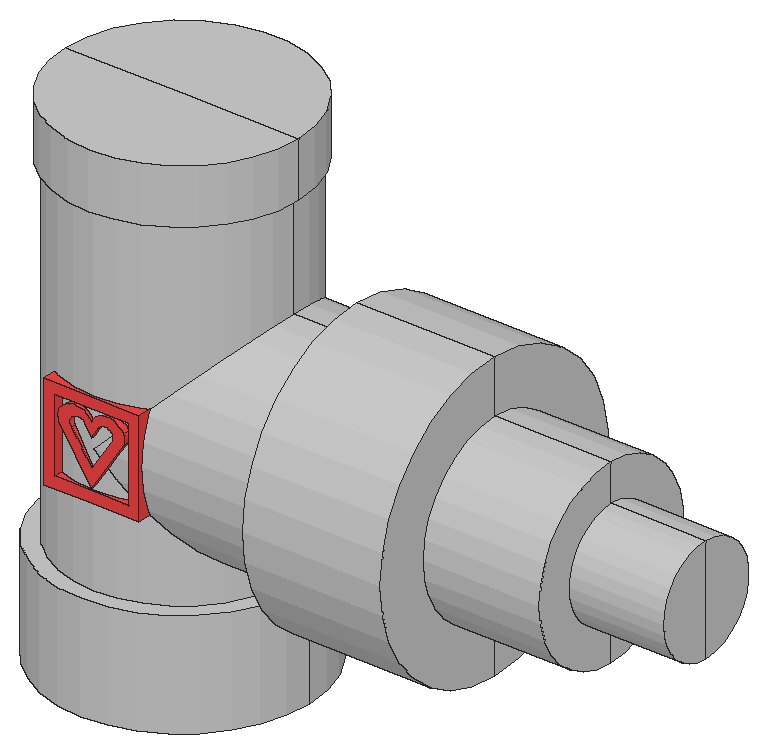
Revit family "Клапан запорный для отключения радиатора HERZ-RL-1, угловой 3724", category Rohrzubehör, Revit 2021
Family settings
  Bemaßung runder Anschluss = Durchmesser verwenden
  Teiletyp = Unterbricht
  OmniClass-Nummer = 23.65.55.14
  OmniClass-Titel = Valves for Liquid Services
  Arbeitsebenenbasiert = Nein
  Immer vertikal = Nein
  Beim Laden mit Abzugskörper schneiden = Nein
  Gemeinsam genutzt = Nein
Parameters
  Среда = "Качество воды в соответствии с ÖNORM H 5195 или директивой VDI 2035."
  Область применения = "Система водяного отопления. С помощью установки радиаторных запорных клапанов возможно осуществить перекрытие обратного потока нагревательных приборов. При одновременном перекрытии с клапаном на подающем трубопроводе возможен демонтаж радиатора в системе, которая находится под давлением. Промывку радиатора или ремонт помещения (оклеивание обоями, облицовку плиткой) можно проводить, не прерывая работу системы. Если требуется предварительная настройка клапанов для отключения радиаторов или заполнение и опорожнение радиаторов или системы при помощи данного клапана, рекомендуется установка клапана HERZ-RL-5."
  Номер заказа [instance] = size_lookup("3724_1_", "Artnr", 0, Nennweite)  # 1372440
  Макс. рабочее давление = 1000000.0 Pa  # constant formula
  Макс. рабочая температура = 120 °C  # constant formula
  Корпус = "Никелированная латунь"  # constant formula
  Исполнение = "Все модели поставляются в никелированном исполнении, это универсальные модели со специальной муфтой для резьбовой трубы и компрессионных фитингов."
  Vorgabe-Ansicht = 0.000 mm
  URL = "www.herz-armaturen.ru"
  SCRNSEQ = "ARM;ARM_TYP=\"ALLF\";2"
  SCRNCODE = "05;01;02"  # constant formula
  S04 = 45.000 mm  # constant formula
  S03 [instance] = H02 - 5.000 mm + 41.000 mm  # 60.500 mm
  S02 [instance] = L04 + L03 - L02  # 25.500 mm
  S01 = 10.000 mm  # constant formula
  R06 = 11.000 mm  # constant formula
  Nennweite [instance] = 10.000 mm
  LO1 [instance] = R01 - 0.500 mm  # 10.000 mm
  L04 [instance] = size_lookup("3724_1_", "L4", 1.000 mm, Nennweite)  # 20.000 mm
  L03 [instance] = size_lookup("3724_1_", "L3", 1.000 mm, Nennweite)  # 13.000 mm
  L02 [instance] = size_lookup("3724_1_", "L2", 1.000 mm, Nennweite)  # 7.500 mm
  L01 [instance] = size_lookup("3724_1_", "L1", 1.000 mm, Nennweite)  # 24.000 mm
  Hersteller = "HERZ Armaturen Ges.m.b.H."  # constant formula
  H05 = 5.200 mm  # constant formula
  H04 = 25.500 mm  # constant formula
  H03 [instance] = size_lookup("3724_1_", "H3", 1.000 mm, Nennweite)  # 10.000 mm
  H02 [instance] = 24.500 mm  # constant formula
  H01 [instance] = size_lookup("3724_1_", "H1", 1.000 mm, Nennweite)  # 22.000 mm
  GT1 [instance] = size_lookup("3724_1_", "GT1", 1.000 mm, Nennweite)  # 9.000 mm
  GT [instance] = size_lookup("3724_1_", "GT", 1.000 mm, Nennweite)  # 9.500 mm
  G2 [instance] = Nennweite / 2  # 5.000 mm
  G1 [instance] = Nennweite / 2  # 5.000 mm
  R01 = 10.500 mm  # constant formula
  D05 [instance] = size_lookup("3724_1_", "D5", 1.000 mm, Nennweite)  # 8.500 mm
  D04 [instance] = size_lookup("3724_1_", "D4", 1.000 mm, Nennweite)  # 13.500 mm
  D03 [instance] = R01  # 10.500 mm
  D02 [instance] = size_lookup("3724_1_", "D2", 1.000 mm, Nennweite)  # 7.940 mm
  D01 [instance] = size_lookup("3724_1_", "D1", 1.000 mm, Nennweite)  # 12.000 mm
Reference planes
  plane 1 "Mitte (Vorne/hinten)": y = 0
  plane 2: z = 0
  plane 3 "Mitte (Links/rechts)": x = 0
Forms (mm)
  Revolve 1, solid, material "Messing, weicher Gelbton, geschweißt", detail levels fine
    sketch origin (0, 0, 0) x (1, 0, 0) y (0, 0, 1)
      loop
        line (0, 24.5) -> (-10.5, 24.5) -> (-10.5, -12) -> (-12, -12) -> (-12, -22) -> (-5, -22) -> (-5, -12.5) -> (0, -12.5) -> (0, 24.5)
      axis (0, 24.5) -> (0, -22)
    angle from 0 to 360
  Revolve 2, solid, material "Messing, weicher Gelbton, geschweißt", detail levels fine
    sketch origin (0, 0, 0) x (1, 0, 0) y (0, 0, 1)
      loop
        line (0, 0) -> (24, 0) -> (24, 7.94) -> (16.5, 7.94) -> (16.5, 10.5) -> (0, 10.5) -> (0, 0)
      axis (0, 0) -> (24, 0)
    angle from 0 to 360
  Revolve 3, solid, material "Messing, weicher Gelbton, geschweißt", detail levels fine
    sketch origin (-1, 0, 0) x (1, 0, 0) y (0, 0, 1)
      loop
        line (25, 0) -> (50.5, 0) -> (50.5, 5) -> (41.5, 5) -> (41.5, 8.5) -> (30.5, 8.5) -> (30.5, 13.5) -> (17.5, 13.5) -> (17.5, 7.94) -> (25, 7.94) -> (25, 0)
      axis (17.5, 0) -> (50.5, 0)
    angle from 0 to 360
  Revolve 4, solid, material "Messing, weicher Gelbton, geschweißt", detail levels fine
    sketch origin (0, 0, 0) x (1, 0, 0) y (0, 0, 1)
      loop
        line (0, 20.3) -> (11, 20.3) -> (11, 25.5) -> (0, 25.5) -> (0, 20.3)
      axis (0, 25.5) -> (0, 20.3)
    angle from 0 to 360
Lines and regions (mm)
  model lines, detail levels coarse+medium
    curve 1: line (0, 0, 0) -> (12, 0, -22)
    curve 2: line (12, 0, -22) -> (-12, 0, -22)
    curve 3: line (-12, 0, -22) -> (0, 0, 0)
    curve 4: line (0, 0, 0) -> (24, 0, 13.5)
    curve 5: line (24, 0, 13.5) -> (24, 0, -13.5)
    curve 6: line (24, 0, -13.5) -> (0, 0, 0)
    curve 7: line (24, 0, 13.5) -> (34, 0, 13.5)
    curve 8: line (34, 0, 13.5) -> (24, 0, 0)
    curve 9: line (24, 0, -13.5) -> (34, 0, -13.5)
    curve 10: line (34, 0, -13.5) -> (24, 0, 0)
    curve 11: line (24, 0, 0) -> (49.5, 0, 0)
    curve 12: line (0, 0, 0) -> (12, -22, 0)
    curve 13: line (12, -22, 0) -> (-12, -22, 0)
    curve 14: line (-12, -22, 0) -> (0, 0, 0)
    curve 15: line (0, 0, 0) -> (24, 13.5, 0)
    curve 16: line (24, 13.5, 0) -> (24, -13.5, 0)
    curve 17: line (24, -13.5, 0) -> (0, 0, 0)
    curve 18: line (24, 13.5, 0) -> (34, 13.5, 0)
    curve 19: line (34, 13.5, 0) -> (24, 0, 0)
    curve 20: line (24, -13.5, 0) -> (34, -13.5, 0)
    curve 21: line (24, 0, 0) -> (34, -13.5, 0)
Dimensions and locks
  "H02": Revolve 1 sketch curve to plane 2
  "H01": plane 2 to Revolve 1 sketch curve
  "R01": Revolve 1 sketch curve to Revolve 1 sketch curve
  "G1": Revolve 1 sketch curve to Revolve 1 sketch curve
  "D01": Revolve 1 sketch curve to Revolve 1 sketch curve
  "GT": Revolve 1 sketch curve to Revolve 1 sketch curve
  "H03": Revolve 1 sketch curve to Revolve 1 sketch curve
  "D02": Revolve 2 sketch curve to Revolve 2 sketch curve
  "D03": Revolve 2 sketch curve to Revolve 2 sketch curve
  "L01": Revolve 2 sketch curve to Revolve 2 sketch curve
  "L02": Revolve 2 sketch curve to Revolve 2 sketch curve
  "LO1": nested 1 to plane 1 "Mitte (Vorne/hinten)"
  "L02": Revolve 3 sketch curve to Revolve 3 sketch curve
  "L03": Revolve 3 sketch curve to Revolve 3 sketch curve
  "L04": Revolve 3 sketch curve to Revolve 3 sketch curve
  "D04": Revolve 3 sketch curve to Revolve 3 sketch curve
  "G2": Revolve 3 sketch curve to Revolve 3 sketch curve
  "D05": Revolve 3 sketch curve to Revolve 3 sketch curve
  "GT1": Revolve 3 sketch curve to Revolve 3 sketch curve
  "L01": plane 3 "Mitte (Links/rechts)" to Revolve 3 sketch curve
  "D02": Revolve 3 sketch curve to plane 2
  "H01": plane 2 to curve 2
  "L01": curve 5 to plane 3 "Mitte (Links/rechts)"
  "D01": curve 2 to plane 3 "Mitte (Links/rechts)" to curve 3
  "D04": curve 5 to plane 2 to curve 6
  "S01": curve 5 to curve 8
  "S01": curve 5 to curve 10
  "S02": curve 11 to curve 11
  "H01": curve 13 to plane 1 "Mitte (Vorne/hinten)"
  "D01": curve 14 to plane 3 "Mitte (Links/rechts)" to curve 13
  "L01": plane 3 "Mitte (Links/rechts)" to curve 16
  "D04": curve 17 to plane 1 "Mitte (Vorne/hinten)" to curve 16
  "S01": curve 16 to curve 19
  "S01": curve 16 to curve 21
  "R06": Revolve 4 sketch curve to Revolve 4 sketch curve
  "H04": Revolve 4 sketch curve to plane 2
  "H05": Revolve 4 sketch curve to Revolve 4 sketch curve
  aligned and locked: level to plane 2
Automatic sketch dimensions
  curve 4 to level = 0.000 mm
  curve 4 to plane 3 "Mitte (Links/rechts)" = 0.000 mm
  curve 11 to level = 0.000 mm
  curve 8 to level = 0.000 mm
  plane 1 "Mitte (Vorne/hinten)" to curve 14 = 0.000 mm
  curve 14 to plane 3 "Mitte (Links/rechts)" = 0.000 mm
  plane 1 "Mitte (Vorne/hinten)" to curve 19 = 0.000 mm
  Revolve 1 sketch curve to plane 3 "Mitte (Links/rechts)" = 0.000 mm  (x2)
  Revolve 1 sketch curve to Revolve 1 sketch curve = 345.545 mm
  Revolve 1 sketch curve to Revolve 1 sketch curve = 2189.815 mm
  Revolve 2 sketch curve to level = 0.000 mm  (x2)
  Revolve 2 sketch curve to plane 3 "Mitte (Links/rechts)" = 0.000 mm
  Revolve 2 sketch curve to plane 3 "Mitte (Links/rechts)" = 1506.530 mm
  Revolve 2 sketch curve to Revolve 2 sketch curve = 1815.148 mm
  Revolve 3 sketch curve to level = 0.000 mm  (x2)
  Revolve 3 sketch curve to plane 3 "Mitte (Links/rechts)" = 1507.530 mm
  Revolve 3 sketch curve to Revolve 3 sketch curve = 1789.648 mm
  Revolve 4 sketch curve to plane 3 "Mitte (Links/rechts)" = 0.000 mm  (x2)
  Revolve 4 sketch curve to level = 366.045 mm
  Revolve 4 sketch curve to Revolve 4 sketch curve = 2190.315 mm
Nested families
  nested 1: "Herz-Logo-vorne" at (0, -10, 0) x (0, -1, 0) z (0, 0, 1), type "Herz-Logo-vorne", detail levels fine
Connectors
  piping at (0, 0, -12.5), diameter 10, driven by "Nennweite"
    settings: on Revolve 1, index 1, connector inside diameter 609.6 mm, connector length 0.000 mm, flow factor 0, pipe flow 0.0 L/s, pressure drop 0.0 Pa, fitting loss kfactor 0, connector angle 0.00°, fixture units 0, engagement length 0.000 mm, angle of deflection 0.00°, flow configuration 0, flow direction 1, fitting loss method 0, system type 8, joint type 0, gender type 0, connector reference index -1, connector utility 0, adjustable connector no, is connector primary yes, connector description ""
  piping at (49.5, 0, 0), diameter 10, driven by "Nennweite"
    settings: on Revolve 3, index 2, connector inside diameter 609.6 mm, connector length 0.000 mm, flow factor 0, pipe flow 0.0 L/s, pressure drop 0.0 Pa, fitting loss kfactor 0, connector angle 0.00°, fixture units 0, engagement length 0.000 mm, angle of deflection 0.00°, flow configuration 0, flow direction 2, fitting loss method 0, system type 8, joint type 0, gender type 0, connector reference index -1, connector utility 0, adjustable connector no, is connector primary no, connector description ""
Definition of nested family "Herz-Logo-vorne"
  Parameters (values of type "Herz-Logo-vorne")
    Default Elevation = 0.000 mm
  Reference planes
    plane 1 "Mitte (Vorne/hinten)": y = 0
    plane 2: z = 0
    plane 3 "Mitte (Links/rechts)": x = 0
  Forms (mm)
    Extrusion 1, solid
      sketch origin (0.732, -0.018, 0.017) x (0, -1, 0) y (0, 0, 1)
        loop
          line (-0.018, -4.517) -> (4.482, -4.517) -> (4.482, 4.483) -> (-4.518, 4.483) -> (-4.518, -4.517) -> (-0.018, -4.517)
        loop
          line (-0.05, -3.48) -> (3.482, -3.48) -> (3.482, 3.483) -> (-3.518, 3.483) -> (-3.518, -3.48) -> (-0.05, -3.48)
        loop
          arc (-0.018, 2.383) -> (-1.543, 3.287) -> (-3.067, 2.383) r 1.738
          arc (-3.067, 2.383) -> (-3.191, 1.899) -> (-3.067, 1.415) r 1.009
          line (-3.067, 1.415) -> (-0.018, -3.281) -> (3.032, 1.415)
          arc (3.032, 1.415) -> (3.156, 1.899) -> (3.032, 2.383) r 1.009
          arc (3.032, 2.383) -> (1.507, 3.287) -> (-0.018, 2.383) r 1.738
        loop
          arc (1.885, 1.272) -> (2.005, 1.675) -> (1.885, 2.079) r 0.74
          arc (1.885, 2.079) -> (1.265, 2.416) -> (0.644, 2.079) r 0.74
          line (0.644, 2.079) -> (-0.018, 0.97) -> (-0.679, 2.079)
          arc (-0.679, 2.079) -> (-1.3, 2.416) -> (-1.921, 2.079) r 0.74
          arc (-1.921, 2.079) -> (-2.04, 1.675) -> (-1.921, 1.272) r 0.74
          line (-1.921, 1.272) -> (-0.018, -1.658) -> (1.885, 1.272)
      from 0 to 1.5
  Dimensions and locks
    aligned and locked: level to plane 2
